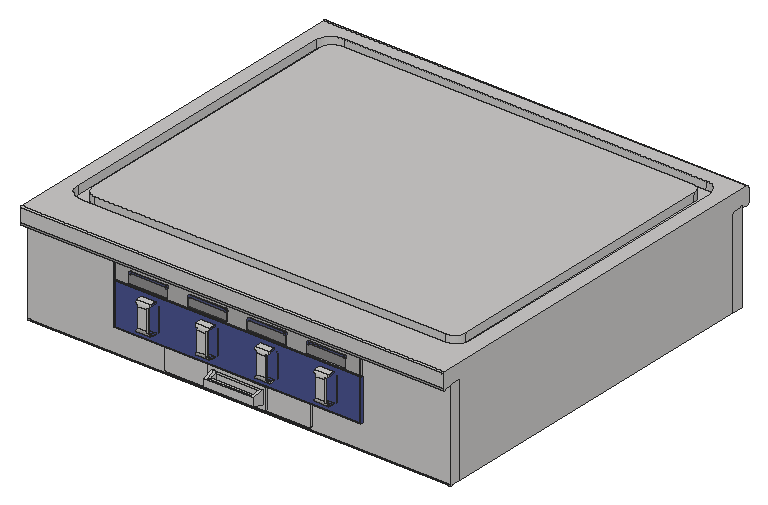
Revit family "QF_ELECTROLUXPROFESSIONAL_589006_MCLCAAJOAO", category Specialty Equipment, Revit 2018
Family settings
  Round Connector Dimension = Use Diameter
  Part Type = Normal
  Work Plane-Based = No
  Always vertical = Yes
  Cut with Voids When Loaded = No
  Shared = No
  Room Calculation Point = No
Parameters
  Weight in Pounds = 352.7
  Watts = 16000 VA  # 16000 W
  Volts = 400 V  # constant formula
  URL Cutsheet = ""
  Type Mark [instance] = ""
  Status [instance] = ""
  Specification by User [instance] = ""
  Specification by Manufacturer = ""
  Show Clearance [instance] = yes
  Serial Number = ""
  Seismic Rating = ""
  SMACNA No = ""
  Revision Code [instance] = ""
  Phase = 3  # constant formula
  Omniclass Number and Title = ""
  Number of Poles [instance] = 1
  NAFEM Spec ID Number = ""
  Model = "589006"
  Min Ckt Ampacity = 0 A
  Max Overcurrent Protection = 0 A
  Masterspec = ""
  Manufacturer = "ELECTROLUX"
  Item Number [instance] = ""
  Installed By [instance] = ""
  Identify Quantity as Lot [instance] = yes
  HP = "21.5 HP"
  Furnished By [instance] = ""
  Foodservice Equipment Identifier [instance] = yes
  FL Amps [instance] = if(Phase = 3, Watts / (Volts * 1.73), Watts / Volts)  # 23.1214 A
  Electrical Remarks = "400 V/3N ph/50/60 Hz"  # constant formula
  Electric Connection Type [instance] = ""
  Elec Conn RI Height [instance] = 0 mm
  Elec Conn Connection Height [instance] = 0 mm
  Direct Waste Size = 0"
  Description = "EL.SOLID TOP,4 ZONES,1SIDE,1000X900X250H"
  Cycle [instance] = if([60 Hertz Option], 60 Hz, 50 Hz)  # 60 Hz
  Conn Plug = ""
  Conn Conduit = yes
  CSI MasterFormat = ""
  CSI Master Format = ""
  Back Panel [instance] = yes
  Apparent Power [instance] = if(Phase = 3, Volts * FL Amps * 1.73, Volts * FL Amps)  # 16000 VA
  60 Hertz Option [instance] = not([50 Hertz Option])  # yes
  50 Hertz Option [instance] = no
Reference planes
  plane 1 "BACK": y = 0
  plane 2: z = 0
  plane 3 "LEFT": x = 0
  plane 4 "RIGHT": x = 1000
  plane 5 "FRONT": y = -900
  plane 6 "TOP": z = 250
  plane 7: x = 500
  plane 8: y = -450
  plane 9: y = -1330
Forms (mm)
  Extrusion 1, solid, material "QF_Finishes_Stainless Steel"
    sketch origin (0, -487.128, 0) x (0, 1, 0) y (0, 0, 1)
      loop
        line (483.128, 250) -> (-408.872, 250)
        arc (-408.872, 250) -> (-411.7, 248.828) -> (-412.872, 246) r 4
        line (-412.872, 246) -> (-412.872, 214)
        arc (-412.872, 214) -> (-411.443, 210.936) -> (-408.177, 210.061) r 4
        line (-408.177, 210.061) -> (-391.509, 213) -> (-366.872, 213) -> (-366.872, 0) -> (441.128, 0) -> (441.128, 213) -> (465.765, 213) -> (482.433, 210.061)
        arc (482.433, 210.061) -> (485.699, 210.936) -> (487.128, 214) r 4
        line (487.128, 214) -> (487.128, 246)
        arc (487.128, 246) -> (485.956, 248.828) -> (483.128, 250) r 4
    from 0 to 1000
  Extrusion 2, solid, material "QF_Finishes_Stainless Steel", visible <- "Back Panel"
    sketch origin (0, 0, 0) x (0, 1, 0) y (0, 0, 1)
      loop
        line (-46, 0) -> (-20, 0) -> (-20, 215)
        arc (-20, 215) -> (-20.586, 213.586) -> (-22, 213) r 2
        line (-22, 213) -> (-46, 213) -> (-46, 0)
    from 0 to 1000
  Extrusion 3, void
    sketch origin (653.786, 44.048, 250) x (1, 0, 0) y (0, -1, 0)
      loop
        line (274.614, 855.048) -> (-582.186, 855.048)
        arc (-582.186, 855.048) -> (-608.349, 844.211) -> (-619.186, 818.048) r 37
        line (-619.186, 818.048) -> (-619.186, 115.648)
        arc (-619.186, 115.648) -> (-608.349, 89.485) -> (-582.186, 78.648) r 37
        line (-582.186, 78.648) -> (274.614, 78.648)
        arc (274.614, 78.648) -> (300.777, 89.485) -> (311.614, 115.648) r 37
        line (311.614, 115.648) -> (311.614, 818.048)
        arc (311.614, 818.048) -> (300.777, 844.211) -> (274.614, 855.048) r 37
    from 0 to 19.1
  Extrusion 4, solid, material "QF_Finishes_Stainless Steel"
    sketch origin (0, -854, 0) x (1, 0, 0) y (0, -1, 0)
      loop
        circle (955, -169) r 6.35
    from 0 to 3.2
  Extrusion 5, solid, material "QF_Finishes_Stainless Steel"
    sketch origin (653.786, 44.048, 230.9) x (1, 0, 0) y (0, 1, 0)
      loop
        line (260.814, -104.048) -> (-568.386, -104.048)
        arc (-568.386, -104.048) -> (-586.347, -111.488) -> (-593.786, -129.448) r 25.4
        line (-593.786, -129.448) -> (-593.786, -804.248)
        arc (-593.786, -804.248) -> (-586.347, -822.209) -> (-568.386, -829.648) r 25.4
        line (-568.386, -829.648) -> (260.814, -829.648)
        arc (260.814, -829.648) -> (278.774, -822.209) -> (286.214, -804.248) r 25.4
        line (286.214, -804.248) -> (286.214, -129.448)
        arc (286.214, -129.448) -> (278.774, -111.488) -> (260.814, -104.048) r 25.4
    from 0 to 19.1
  Extrusion 6, solid, material "QF_Door-Drawer Clearances", visible <- "Show Clearance", detail levels coarse
    sketch origin (537.31, -881.593, 8.62) x (0, 0, 1) y (-1, 0, 0)
      loop
        line (1.973, -134.295) -> (49.317, -134.295)
        arc (49.317, -134.295) -> (50.776, -133.691) -> (51.38, -132.232) r 2.063
        line (51.38, -132.232) -> (51.38, 206.852)
        arc (51.38, 206.852) -> (50.88, 208.549) -> (49.541, 209.705) r 3.133
        line (49.541, 209.705) -> (3.067, 209.705)
        arc (3.067, 209.705) -> (0.898, 208.807) -> (0, 206.638) r 3.067
        line (0, 206.638) -> (0, -132.322)
        arc (0, -132.322) -> (0.578, -133.717) -> (1.973, -134.295) r 1.973
    from 0 to 448.407
Cuts and joins
  Extrusion 3 cuts Extrusion 1
Lines and regions (mm)
  symbolic lines
    curve 1: line (0, 0, 0) -> (1000, 0, 0)
    curve 2: line (0, -900, 0) -> (0, 0, 0)
    curve 3: line (1000, -900, 0) -> (0, -900, 0)
    curve 4: line (1000, 0, 0) -> (1000, -900, 0)
    curve 5: line (273.641, -902.326, 0) -> (273.641, -900, 0)
    curve 6: spline (279.31, -903.73, 0) -> (278.831, -903.657, 0) -> (278.353, -903.575, 0) -> (277.876, -903.486, 0) -> (277.4, -903.389, 0) -> (276.925, -903.283, 0) -> (276.452, -903.17, 0) -> (275.98, -903.049, 0) -> (275.509, -902.92, 0) -> (275.039, -902.783, 0) -> (274.572, -902.638, 0) -> (274.105, -902.486, 0) -> (273.641, -902.326, 0)
    curve 7: line (305.857, -902.326, 0) -> (305.857, -900, 0)
    curve 8: spline (305.857, -902.326, 0) -> (305.392, -902.486, 0) -> (304.926, -902.638, 0) -> (304.458, -902.783, 0) -> (303.989, -902.92, 0) -> (303.518, -903.049, 0) -> (303.046, -903.17, 0) -> (302.572, -903.283, 0) -> (302.098, -903.389, 0) -> (301.622, -903.486, 0) -> (301.145, -903.575, 0) -> (300.667, -903.657, 0) -> (300.188, -903.73, 0)
    curve 9: line (279.31, -903.73, 0) -> (300.188, -903.73, 0)
    curve 10: line (413.892, -902.326, 0) -> (413.892, -900, 0)
    curve 11: spline (419.561, -903.73, 0) -> (419.082, -903.657, 0) -> (418.604, -903.575, 0) -> (418.127, -903.486, 0) -> (417.651, -903.389, 0) -> (417.177, -903.283, 0) -> (416.703, -903.17, 0) -> (416.231, -903.049, 0) -> (415.76, -902.92, 0) -> (415.29, -902.783, 0) -> (414.823, -902.638, 0) -> (414.357, -902.486, 0) -> (413.892, -902.326, 0)
    curve 12: line (446.108, -902.326, 0) -> (446.108, -900, 0)
    curve 13: spline (446.108, -902.326, 0) -> (445.643, -902.486, 0) -> (445.177, -902.638, 0) -> (444.71, -902.783, 0) -> (444.24, -902.92, 0) -> (443.769, -903.049, 0) -> (443.297, -903.17, 0) -> (442.823, -903.283, 0) -> (442.349, -903.389, 0) -> (441.873, -903.486, 0) -> (441.396, -903.575, 0) -> (440.918, -903.657, 0) -> (440.439, -903.73, 0)
    curve 14: line (419.561, -903.73, 0) -> (440.439, -903.73, 0)
    curve 15: line (726.359, -902.326, 0) -> (726.359, -900, 0)
    curve 16: spline (720.69, -903.73, 0) -> (721.169, -903.657, 0) -> (721.647, -903.575, 0) -> (722.124, -903.486, 0) -> (722.6, -903.389, 0) -> (723.075, -903.283, 0) -> (723.548, -903.17, 0) -> (724.02, -903.049, 0) -> (724.491, -902.92, 0) -> (724.961, -902.783, 0) -> (725.428, -902.638, 0) -> (725.895, -902.486, 0) -> (726.359, -902.326, 0)
    curve 17: line (694.143, -902.326, 0) -> (694.143, -900, 0)
    curve 18: spline (694.143, -902.326, 0) -> (694.608, -902.486, 0) -> (695.074, -902.638, 0) -> (695.542, -902.783, 0) -> (696.011, -902.92, 0) -> (696.482, -903.049, 0) -> (696.954, -903.17, 0) -> (697.428, -903.283, 0) -> (697.902, -903.389, 0) -> (698.378, -903.486, 0) -> (698.855, -903.575, 0) -> (699.333, -903.657, 0) -> (699.812, -903.73, 0)
    curve 19: line (720.69, -903.73, 0) -> (699.812, -903.73, 0)
    curve 20: line (586.108, -902.326, 0) -> (586.108, -900, 0)
    curve 21: spline (580.439, -903.73, 0) -> (580.918, -903.657, 0) -> (581.396, -903.575, 0) -> (581.873, -903.486, 0) -> (582.349, -903.389, 0) -> (582.823, -903.283, 0) -> (583.297, -903.17, 0) -> (583.769, -903.049, 0) -> (584.24, -902.92, 0) -> (584.71, -902.783, 0) -> (585.177, -902.638, 0) -> (585.643, -902.486, 0) -> (586.108, -902.326, 0)
    curve 22: line (553.892, -902.326, 0) -> (553.892, -900, 0)
    curve 23: spline (553.892, -902.326, 0) -> (554.357, -902.486, 0) -> (554.823, -902.638, 0) -> (555.29, -902.783, 0) -> (555.76, -902.92, 0) -> (556.231, -903.049, 0) -> (556.703, -903.17, 0) -> (557.177, -903.283, 0) -> (557.651, -903.389, 0) -> (558.127, -903.486, 0) -> (558.604, -903.575, 0) -> (559.082, -903.657, 0) -> (559.561, -903.73, 0)
    curve 24: line (580.439, -903.73, 0) -> (559.561, -903.73, 0)
    curve 36: line (914.6, -60, 0) -> (85.4, -60, 0)
    curve 37: arc (85.4, -60, 0) -> (67.439, -67.439, 0) -> (60, -85.4, 0) r 25.4
    curve 38: line (60, -85.4, 0) -> (60, -760.2, 0)
    curve 39: arc (60, -760.2, 0) -> (67.439, -778.161, 0) -> (85.4, -785.6, 0) r 25.4
    curve 40: line (85.4, -785.6, 0) -> (914.6, -785.6, 0)
    curve 41: arc (914.6, -785.6, 0) -> (932.561, -778.161, 0) -> (940, -760.2, 0) r 25.4
    curve 42: line (940, -760.2, 0) -> (940, -85.4, 0)
    curve 43: arc (940, -85.4, 0) -> (932.561, -67.439, 0) -> (914.6, -60, 0) r 25.4
    curve 44: line (446.108, -900, 0) -> (447.685, -908.767, 0)
    curve 45: line (447.685, -908.767, 0) -> (550.042, -908.767, 0)
    curve 46: line (550.042, -908.767, 0) -> (551.62, -900, 0)
  symbolic lines, style "QF_Door-Drawer Clearances"
    curve 25: line (327.605, -1330, 0) -> (327.605, -900, 0)
    curve 26: line (327.605, -1330, 0) -> (671.605, -1330, 0)
    curve 27: line (671.605, -1330, 0) -> (671.605, -900, 0)
  symbolic lines, style "SpecialityEquipment"
    curve 28: line (71.6, -34.6, 0) -> (928.4, -34.6, 0)
    curve 29: arc (928.4, -34.6, 0) -> (954.563, -45.437, 0) -> (965.4, -71.6, 0) r 37
    curve 30: line (965.4, -71.6, 0) -> (965.4, -772.524, 0)
    curve 31: arc (965.4, -772.524, 0) -> (954.131, -799.731, 0) -> (926.924, -811, 0) r 38.476
    curve 32: line (926.924, -811, 0) -> (71.6, -811, 0)
    curve 33: arc (71.6, -811, 0) -> (45.437, -800.163, 0) -> (34.6, -774, 0) r 37
    curve 34: line (34.6, -774, 0) -> (34.6, -71.6, 0)
    curve 35: arc (34.6, -71.6, 0) -> (45.437, -45.437, 0) -> (71.6, -34.6, 0) r 37
Dimensions and locks
  plane 3 "LEFT" to plane 4 "RIGHT" = 1000 mm
  plane 5 "FRONT" to plane 1 "BACK" = 900 mm
  equal spacing: plane 3 "LEFT", plane 7, plane 4 "RIGHT"
  equal spacing: plane 5 "FRONT", plane 8, plane 1 "BACK"
  plane 6 "TOP" to level = 250 mm  (x2)
  plane 1 "BACK" to plane 5 "FRONT" = 900 mm
  Extrusion 4 sketch curve to plane 1 "BACK" = 685 mm
  Extrusion 4 sketch curve to plane 4 "RIGHT" = 45 mm
  plane 5 "FRONT" to plane 9 = 430 mm
  aligned and locked: level to plane 2
  aligned and locked: cut or joined group of Extrusion 1, Extrusion 3 to plane 4 "RIGHT"
  aligned and locked: Extrusion 2 to plane 4 "RIGHT"
  aligned and locked: plane 7 to nested 1
Automatic sketch dimensions
  Extrusion 2 sketch curve to Extrusion 2 sketch curve = 26 mm
  plane 1 "BACK" to Extrusion 2 sketch curve = 22 mm
  Extrusion 2 sketch curve to Extrusion 2 sketch curve = 2 mm
  level to Extrusion 2 sketch curve = 213 mm
  Extrusion 1 sketch curve to plane 5 "FRONT" = 0 mm
  Extrusion 1 sketch curve to plane 6 "TOP" = 0 mm
  Extrusion 1 sketch curve to level = 0 mm
  Extrusion 1 sketch curve to plane 1 "BACK" = 0 mm
  Extrusion 1 sketch curve to plane 6 "TOP" = 37 mm  (x2)
  Extrusion 1 sketch curve to plane 5 "FRONT" = 4 mm
  Extrusion 1 sketch curve to plane 5 "FRONT" = 21.363 mm
  Extrusion 1 sketch curve to plane 5 "FRONT" = 46 mm
  plane 1 "BACK" to Extrusion 1 sketch curve = 21.363 mm
  plane 1 "BACK" to Extrusion 1 sketch curve = 4 mm  (x2)
  Extrusion 1 sketch curve to Extrusion 1 sketch curve = 4 mm
  Extrusion 1 sketch curve to Extrusion 1 sketch curve = 0.695 mm
  Extrusion 1 sketch curve to Extrusion 1 sketch curve = 0 mm  (x4)
  plane 1 "BACK" to Extrusion 1 sketch curve = 4.695 mm
  Extrusion 1 sketch curve to Extrusion 1 sketch curve = 1 mm  (x2)
  plane 1 "BACK" to Extrusion 1 sketch curve = 46 mm
  plane 5 "FRONT" to curve 25 = 0 mm
  plane 5 "FRONT" to curve 27 = 0 mm
  plane 3 "LEFT" to curve 25 = 327.605 mm
  plane 7 to curve 27 = 171.605 mm
  curve 25 to curve 25 = 430 mm
  level to Extrusion 6 sketch curve = 8.62 mm
  level to Extrusion 6 sketch curve = 57.937 mm
  plane 7 to Extrusion 6 sketch curve = 171.605 mm
  Extrusion 6 sketch curve to Extrusion 6 sketch curve = 1.973 mm
  Extrusion 6 sketch curve to Extrusion 6 sketch curve = 3.067 mm
  Extrusion 6 sketch curve to Extrusion 6 sketch curve = 46.474 mm
  Extrusion 6 sketch curve to Extrusion 6 sketch curve = 2.063 mm
  Extrusion 6 sketch curve to Extrusion 6 sketch curve = 3.133 mm
  plane 3 "LEFT" to Extrusion 6 sketch curve = 330.672 mm
  plane 3 "LEFT" to curve 34 = 34.6 mm
  curve 34 to curve 38 = 25.4 mm
  curve 37 to curve 35 = 11.6 mm
  curve 39 to curve 33 = 11.6 mm
  curve 33 to curve 39 = 13.8 mm
  curve 35 to curve 37 = 13.8 mm
  plane 7 to curve 36 = 414.6 mm
  plane 7 to curve 41 = 414.6 mm
  curve 40 to curve 32 = 12.324 mm
  curve 36 to curve 29 = 13.8 mm
  curve 29 to curve 43 = 11.6 mm  (x2)
  curve 33 to plane 5 "FRONT" = 89 mm
  curve 40 to curve 31 = 13.076 mm
  plane 1 "BACK" to curve 43 = 85.4 mm
  curve 38 to curve 34 = 13.8 mm
  Extrusion 1 to Extrusion 3 sketch curve = 34.6 mm  (x2)
  Extrusion 1 to Extrusion 3 sketch curve = 85 mm
  Extrusion 3 sketch curve to Extrusion 3 sketch curve = 37 mm  (x4)
  Extrusion 1 to Extrusion 3 sketch curve = 30.6 mm
  Extrusion 5 sketch curve to Extrusion 3 = 25.4 mm  (x4)
  Extrusion 5 sketch curve to Extrusion 5 sketch curve = 25.4 mm  (x4)
  plane 1 "BACK" to curve 1 = 0 mm
  curve 1 to plane 4 "RIGHT" = 0 mm
  curve 3 to plane 3 "LEFT" = 0 mm
  plane 5 "FRONT" to curve 5 = 2.326 mm
  plane 5 "FRONT" to curve 46 = 0 mm
  plane 5 "FRONT" to curve 15 = 2.326 mm
  plane 7 to curve 15 = 226.359 mm
  plane 5 "FRONT" to curve 19 = 3.73 mm
  curve 15 to curve 19 = 5.669 mm
  curve 16 to curve 19 = 20.878 mm
  plane 5 "FRONT" to curve 17 = 2.326 mm
  curve 18 to curve 17 = 5.669 mm
  plane 5 "FRONT" to curve 20 = 2.326 mm
  plane 7 to curve 20 = 86.108 mm
  plane 5 "FRONT" to curve 24 = 3.73 mm
  curve 20 to curve 24 = 5.669 mm
  curve 21 to curve 24 = 20.878 mm
  plane 5 "FRONT" to curve 22 = 2.326 mm
  curve 24 to curve 22 = 5.669 mm
  plane 5 "FRONT" to curve 44 = 8.767 mm
  curve 44 to plane 7 = 52.315 mm
  curve 44 to curve 44 = 1.578 mm
  curve 12 to curve 14 = 5.669 mm
  plane 5 "FRONT" to curve 14 = 3.73 mm
  curve 14 to curve 14 = 20.878 mm
  plane 5 "FRONT" to curve 10 = 2.326 mm
  curve 11 to curve 10 = 5.669 mm
  plane 5 "FRONT" to curve 7 = 2.326 mm
  curve 10 to curve 7 = 108.035 mm
  plane 5 "FRONT" to curve 9 = 3.73 mm
  curve 7 to curve 9 = 5.669 mm
  curve 8 to curve 9 = 20.878 mm
  curve 6 to curve 5 = 5.669 mm
  plane 5 "FRONT" to curve 16 = 4.032 mm
  curve 16 to curve 16 = 4.17 mm
  plane 5 "FRONT" to curve 18 = 4.032 mm
  curve 18 to curve 19 = 4.17 mm
  plane 5 "FRONT" to curve 21 = 4.032 mm
  curve 21 to curve 21 = 4.17 mm
  curve 21 to curve 23 = 12.538 mm
  curve 22 to curve 46 = 2.272 mm
  curve 23 to curve 46 = 3.85 mm
  curve 12 to curve 13 = 9.839 mm
  curve 13 to curve 11 = 12.538 mm
  curve 7 to curve 8 = 9.839 mm
  curve 8 to curve 6 = 12.538 mm
  curve 12 to curve 12 = 2.326 mm
  curve 8 to plane 5 "FRONT" = 39.101 mm
  curve 11 to plane 5 "FRONT" = 39.101 mm
  curve 11 to curve 13 = 0 mm
  curve 6 to curve 8 = 0 mm
  curve 23 to curve 21 = 0 mm
  Extrusion 2 sketch curve to level = 0 mm
  radius of Extrusion 4 sketch curve = 6.35 mm
Nested families
  nested 1: "EST_900_1000 Front Panel fOUR cONTROLS" at (-100, -854, -650), type "EST_900_1000 Front Panel fOUR cONTROLS"
Connectors
  electrical at (955, -685, -3.2), driven by "Volts", driven by "Watts"
    settings: on Extrusion 4, index 1, voltage 400 V, apparent load 16000 VA, apparent load phase1 0 VA, apparent load phase2 0 VA, apparent load phase3 0 VA, power factor 1, load classification "Other", number of poles 1, system type 30, power factor state 1, is connector primary yes, connector utility no, sub classification motor no, connector description "ELECTRICAL CONNECTION"
Definition of nested family "EST_900_1000 Front Panel fOUR cONTROLS"
  Parameters
    Keynote = ""
  Reference planes
    plane 1 "Center (Front/Back)": y = 0
    plane 2: z = 0
    plane 3 "Center (Left/Right)": x = 100
    plane 4: x = 600
    plane 5: x = 389.749
    plane 6: x = 530
    plane 7: x = 670.079
    plane 8: x = 809.948
  Forms (mm)
    Extrusion 1, void
      sketch origin (1213.217, 829.203, -1.25) x (1, 0, 0) y (0, 0, 1)
        loop
          line (-321.217, 853.25) -> (-905.217, 853.25) -> (-905.217, 711.25) -> (-321.217, 711.25) -> (-321.217, 853.25)
      from 843.409 to 854.203
    Extrusion 2, solid
      sketch origin (1133.217, 829.203, -1.25) x (0, 1, 0) y (0, 0, 1)
        loop
          arc (-854.203, 654.25) -> (-853.324, 652.129) -> (-851.203, 651.25) r 3
          line (-851.203, 651.25) -> (-829.203, 651.25) -> (-829.203, 864.25) -> (-854.203, 864.25) -> (-854.203, 654.25)
      from -1033.217 to -33.217
  Dimensions and locks
    aligned and locked: plane 4 to nested 6
  Nested families
    nested 1: "1200 Glass Panel with Four Reads" at (308, -30, 5.811), type "1200 Glass Panel with Four Reads"
    nested 2: "Sml  Range Control Handle" at (389.749, -26.645, -204.867), type "Sml  Range Control Handle"
    nested 3: "Sml  Range Control Handle" at (529.638, -26.645, -204.867), type "Sml  Range Control Handle"
    nested 4: "Sml  Range Control Handle" at (670.079, -26.645, -204.867), type "Sml  Range Control Handle"
    nested 5: "Sml  Range Control Handle" at (810.079, -26.645, -204.867), type "Sml  Range Control Handle"
    nested 6: "grease trap door1" at (667.599, -25, 0.608) x (-1, 0, 0) z (0, 0, 1), type "grease trap door"
  Definition of nested family "1200 Glass Panel with Four Reads"
    Reference planes
      plane 1 "Center (Front/Back)": y = 0
      plane 2: z = 0
      plane 3 "Center (Left/Right)": x = 0
      plane 4: x = 584
      plane 5: x = 581.091
      plane 6 "Top": z = 846.189
      plane 7 "Center": x = 292
    Forms (mm)
      Extrusion 1, solid
        sketch origin (550.286, 304.8, -4.308) x (1, 0, 0) y (0, 0, 1)
          loop
            line (-550.286, 806.791) -> (-550.286, 708.497) -> (33.714, 708.497) -> (33.714, 806.791) -> (-550.286, 806.791)
        from 300.031 to 304.8
      Extrusion 2, solid
        sketch origin (550.286, 304.8, -4.308) x (1, 0, 0) y (0, 0, 1)
          loop
            line (-550.286, 850.497) -> (-550.286, 806.791) -> (33.714, 806.791) -> (33.714, 850.497) -> (-550.286, 850.497)
        from 300.031 to 304.8
      Extrusion 3, void
        sketch origin (550.286, 304.8, -4.308) x (1, 0, 0) y (0, 0, 1)
          loop
            line (-547.628, 847.565) -> (-547.628, 710.699) -> (30.804, 710.699) -> (30.804, 847.565) -> (-547.628, 847.565)
        from 303.697 to 304.8
      Extrusion 4, solid, not visible
        sketch origin (550.286, 305.901, -4.308) x (1, 0, 0) y (0, 0, 1)
          loop
            line (-153.041, 812.62) -> (-153.041, 834.177) -> (-157.775, 834.177) -> (-159.574, 835.977) -> (-238.324, 835.977) -> (-240.124, 834.177) -> (-245.041, 834.177) -> (-245.041, 812.62) -> (-153.041, 812.62)
        from 304.798 to 306.745
      Extrusion 5, solid, not visible
        sketch origin (550.286, 305.901, -4.308) x (1, 0, 0) y (0, 0, 1)
          loop
            line (-240.027, 834.177) -> (-238.227, 835.977) -> (-159.594, 835.977) -> (-157.794, 834.177) -> (-153.083, 834.177)
            arc (-153.083, 834.177) -> (-154.26, 838.752) -> (-158.535, 840.763) r 5.549
            line (-158.535, 840.763) -> (-239.444, 840.763)
            arc (-239.444, 840.763) -> (-243.699, 838.747) -> (-244.835, 834.177) r 5.5
            line (-244.835, 834.177) -> (-240.027, 834.177)
        from 304.798 to 306.745
      Extrusion 6, solid
        sketch origin (700.989, 305.901, -4.308) x (1, 0, 0) y (0, 0, 1)
          loop
            line (-153.041, 812.62) -> (-153.041, 834.177) -> (-157.775, 834.177) -> (-159.574, 835.977) -> (-238.324, 835.977) -> (-240.124, 834.177) -> (-245.041, 834.177) -> (-245.041, 812.62) -> (-153.041, 812.62)
        from 304.798 to 306.745
      Extrusion 7, solid
        sketch origin (700.989, 305.901, -4.308) x (1, 0, 0) y (0, 0, 1)
          loop
            line (-240.027, 834.177) -> (-238.227, 835.977) -> (-159.594, 835.977) -> (-157.794, 834.177) -> (-153.083, 834.177)
            arc (-153.083, 834.177) -> (-154.26, 838.752) -> (-158.535, 840.763) r 5.549
            line (-158.535, 840.763) -> (-239.444, 840.763)
            arc (-239.444, 840.763) -> (-243.699, 838.747) -> (-244.835, 834.177) r 5.5
            line (-244.835, 834.177) -> (-240.027, 834.177)
        from 304.798 to 306.745
      Extrusion 8, solid
        sketch origin (560.989, 305.901, -4.308) x (1, 0, 0) y (0, 0, 1)
          loop
            line (-153.041, 812.62) -> (-153.041, 834.177) -> (-157.775, 834.177) -> (-159.574, 835.977) -> (-238.324, 835.977) -> (-240.124, 834.177) -> (-245.041, 834.177) -> (-245.041, 812.62) -> (-153.041, 812.62)
        from 304.798 to 306.745
      Extrusion 9, solid
        sketch origin (560.989, 305.901, -4.308) x (1, 0, 0) y (0, 0, 1)
          loop
            line (-240.027, 834.177) -> (-238.227, 835.977) -> (-159.594, 835.977) -> (-157.794, 834.177) -> (-153.083, 834.177)
            arc (-153.083, 834.177) -> (-154.26, 838.752) -> (-158.535, 840.763) r 5.549
            line (-158.535, 840.763) -> (-239.444, 840.763)
            arc (-239.444, 840.763) -> (-243.699, 838.747) -> (-244.835, 834.177) r 5.5
            line (-244.835, 834.177) -> (-240.027, 834.177)
        from 304.798 to 306.745
      Extrusion 10, solid
        sketch origin (700.989, 305.901, -4.308) x (1, 0, 0) y (0, 0, 1)
          loop
            line (-665.188, 812.62) -> (-573.188, 812.62) -> (-573.188, 834.177) -> (-578.105, 834.177) -> (-579.905, 835.977) -> (-658.655, 835.977) -> (-660.455, 834.177) -> (-665.188, 834.177) -> (-665.188, 812.62)
        from 304.798 to 306.745
      Extrusion 11, solid
        sketch origin (700.989, 305.901, -4.308) x (1, 0, 0) y (0, 0, 1)
          loop
            line (-578.203, 834.177) -> (-573.394, 834.177)
            arc (-573.394, 834.177) -> (-574.53, 838.747) -> (-578.786, 840.763) r 5.5
            line (-578.786, 840.763) -> (-659.695, 840.763)
            arc (-659.695, 840.763) -> (-663.97, 838.752) -> (-665.146, 834.177) r 5.549
            line (-665.146, 834.177) -> (-660.435, 834.177) -> (-658.636, 835.977) -> (-580.003, 835.977) -> (-578.203, 834.177)
        from 304.798 to 306.745
      Extrusion 12, solid
        sketch origin (560.989, 305.901, -4.308) x (1, 0, 0) y (0, 0, 1)
          loop
            line (-385.188, 812.62) -> (-293.188, 812.62) -> (-293.188, 834.177) -> (-298.105, 834.177) -> (-299.905, 835.977) -> (-378.655, 835.977) -> (-380.455, 834.177) -> (-385.188, 834.177) -> (-385.188, 812.62)
        from 304.798 to 306.745
      Extrusion 13, solid
        sketch origin (560.989, 305.901, -4.308) x (1, 0, 0) y (0, 0, 1)
          loop
            line (-298.203, 834.177) -> (-293.394, 834.177)
            arc (-293.394, 834.177) -> (-294.53, 838.747) -> (-298.786, 840.763) r 5.5
            line (-298.786, 840.763) -> (-379.695, 840.763)
            arc (-379.695, 840.763) -> (-383.97, 838.752) -> (-385.146, 834.177) r 5.549
            line (-385.146, 834.177) -> (-380.435, 834.177) -> (-378.636, 835.977) -> (-300.003, 835.977) -> (-298.203, 834.177)
        from 304.798 to 306.745
    Cuts and joins
      Extrusion 3 cuts Extrusion 1
      Extrusion 3 cuts Extrusion 2
    Lines and regions (mm)
      symbolic lines
        curve 1: line (0, 4.769, 0) -> (584, 4.769, 0)
    Dimensions and locks
      aligned and locked: Extrusion 1 to Extrusion 2
      aligned and locked: Extrusion 6 to Extrusion 7
      aligned and locked: Extrusion 8 to Extrusion 9
      aligned and locked: Extrusion 10 to Extrusion 11
      aligned and locked: Extrusion 12 to Extrusion 13
  Definition of nested family "Sml  Range Control Handle"
    Reference planes
      plane 1 "Center (Front/Back)": y = 0
      plane 2: z = 0
      plane 3 "Center (Left/Right)": x = 0
      plane 4: z = 971.092
    Forms (mm)
      Extrusion 1, solid
        sketch origin (-746.28, 380.497, 208.931) x (-1, 0, 0) y (0, 0, 1)
          loop
            line (-770.101, 786.798) -> (-770.101, 731.649)
            arc (-770.101, 731.649) -> (-769.759, 730.563) -> (-768.855, 729.87) r 1.893
            line (-768.855, 729.87) -> (-763.474, 727.911) -> (-729.81, 727.911) -> (-724.428, 729.87)
            arc (-724.428, 729.87) -> (-723.525, 730.563) -> (-723.183, 731.649) r 1.893
            line (-723.183, 731.649) -> (-723.183, 786.798)
            arc (-723.183, 786.798) -> (-723.529, 787.894) -> (-724.44, 788.593) r 1.91
            line (-724.44, 788.593) -> (-729.683, 790.819) -> (-763.601, 790.819) -> (-768.844, 788.593)
            arc (-768.844, 788.593) -> (-769.755, 787.894) -> (-770.101, 786.798) r 1.91
        from -382.35 to -378.852
      Sweep 2, solid
        path origin (-746.788, 380.496, 208.091) x (0, -1, 0) y (0, 0, 1)
          loop
            line (379.775, 793.281) -> (395.661, 791.048)
            arc (395.661, 791.048) -> (397.781, 787.377) -> (398.517, 783.202) r 12.207
            line (398.517, 783.202) -> (398.517, 737.368)
            arc (398.517, 737.368) -> (397.781, 733.193) -> (395.661, 729.522) r 12.207
            line (395.661, 729.522) -> (379.775, 727.289)
        profile origin (-746.788, -7.222, 1000.256) x (0, -0.139173, 0.990268) y (-1, 0, 0)
          loop
            line (0.782, -763.123) -> (0.782, -730.907) -> (-1.322, -730.907) -> (-1.322, -763.123) -> (0.782, -763.123)
      Sweep 3, solid
        path origin (-746.788, 380.715, 207.832) x (0, -1, 0) y (0, 0, 1)
          loop
            line (380.478, 795.442) -> (397.218, 793.09)
            arc (397.218, 793.09) -> (399.929, 788.473) -> (400.871, 783.202) r 15.207
            line (400.871, 783.202) -> (400.871, 737.584)
            arc (400.871, 737.584) -> (399.914, 732.274) -> (397.164, 727.633) r 15.207
            line (397.164, 727.633) -> (380.601, 725.305)
        profile origin (-746.788, -8.132, 1002.099) x (0, -0.139173, 0.990268) y (-1, 0, 0)
          loop
            line (0.782, -763.123) -> (0.782, -730.907) -> (-1.322, -730.907) -> (-1.322, -763.123) -> (0.782, -763.123)
      Extrusion 4, void
        sketch origin (889.253, 220.666, 207.993) x (1, 0, 0) y (0, 0, 1)
          loop
            line (-943.038, 816.854) -> (-943.038, 703.686) -> (-899.466, 734.196) -> (-899.466, 786.344) -> (-943.038, 816.854)
        from 230.636 to 242.25
      Extrusion 5, void
        sketch origin (-888.8, 220.666, 207.993) x (-1, 0, 0) y (0, 0, -1)
          loop
            line (-943.038, -816.854) -> (-899.466, -786.344) -> (-899.466, -734.196) -> (-943.038, -703.686) -> (-943.038, -816.854)
        from 230.636 to 242.25
      Extrusion 6, solid
        sketch origin (0, 0, 0) x (1, 0, 0) y (0, 0, 1)
          loop
            circle (0, 971.092) r 7.736
        from -3.137 to -1.645
    Cuts and joins
      Extrusion 4, Extrusion 5 cuts Sweep 3
      Extrusion 4, Extrusion 5 cuts Sweep 2
      joined: Extrusion 1, Extrusion 6
    Lines and regions (mm)
      symbolic lines
        curve 1: line (23.821, 1.645, 0) -> (-23.097, 1.645, 0)
        curve 2: line (16.334, -1.853, 0) -> (23.821, -1.853, 0)
        curve 3: line (-15.881, -19.189, 0) -> (-15.881, -1.853, 0)
        curve 4: line (-23.097, -1.853, 0) -> (-15.881, -1.853, 0)
        curve 5: line (16.334, -19.189, 0) -> (16.334, -1.853, 0)
        curve 6: spline (-15.881, -19.189, 0) -> (-15.417, -19.349, 0) -> (-14.951, -19.501, 0) -> (-14.483, -19.646, 0) -> (-14.014, -19.783, 0) -> (-13.543, -19.912, 0) -> (-13.071, -20.033, 0) -> (-12.597, -20.146, 0) -> (-12.122, -20.251, 0) -> (-11.646, -20.349, 0) -> (-11.169, -20.438, 0) -> (-10.691, -20.52, 0) -> (-10.213, -20.593, 0)
        curve 7: spline (10.666, -20.593, 0) -> (11.144, -20.52, 0) -> (11.622, -20.438, 0) -> (12.099, -20.349, 0) -> (12.575, -20.251, 0) -> (13.05, -20.146, 0) -> (13.524, -20.033, 0) -> (13.996, -19.912, 0) -> (14.467, -19.783, 0) -> (14.936, -19.646, 0) -> (15.404, -19.501, 0) -> (15.87, -19.349, 0) -> (16.334, -19.189, 0)
        curve 8: line (-10.213, -20.938, 0) -> (10.716, -20.938, 0)
        curve 9: line (-23.097, 1.645, 0) -> (-23.097, -1.853, 0)
        curve 10: line (23.821, 1.645, 0) -> (23.821, -1.853, 0)
    Dimensions and locks
      cut or joined group of Sweep 3, Extrusion 4, Extrusion 5 to cut or joined group of Sweep 3, Extrusion 4, Extrusion 5 = 71.686 mm
  Definition of nested family "grease trap door1"
    Reference planes
      plane 1 "Center (Front/Back)": y = 0
      plane 2: z = 0
      plane 3 "Center (Left/Right)": x = 0
    Forms (mm)
      Extrusion 1, solid
        sketch origin (1627.55, 854.203, -1.25) x (1, 0, 0) y (0, 0, 1)
          loop
            arc (-1627.55, 661.235) -> (-1626.972, 659.84) -> (-1625.577, 659.262) r 1.973
            line (-1625.577, 659.262) -> (-1494.325, 659.262)
            arc (-1494.325, 659.262) -> (-1492.156, 660.16) -> (-1491.258, 662.329) r 3.067
            line (-1491.258, 662.329) -> (-1491.258, 708.803)
            arc (-1491.258, 708.803) -> (-1492.414, 710.143) -> (-1494.111, 710.642) r 3.133
            line (-1494.111, 710.642) -> (-1625.486, 710.642)
            arc (-1625.486, 710.642) -> (-1626.945, 710.038) -> (-1627.55, 708.579) r 2.063
            line (-1627.55, 708.579) -> (-1627.55, 661.235)
        from 856.795 to 859.203
      Extrusion 2, solid
        sketch origin (445.874, 2476.61, 0) x (0, 1, 0) y (0, 0, 1)
          loop
            line (-2506.377, 675.273) -> (-2481.61, 667.505) -> (-2481.61, 700.995) -> (-2506.377, 693.227) -> (-2506.377, 675.273)
        from -437.68 to -317.68
      Extrusion 3, void
        sketch origin (1627.55, 854.203, -1.25) x (1, 0, 0) y (0, 0, 1)
          loop
            line (-1614.883, 703) -> (-1610.542, 695.433) -> (-1508.17, 695.433) -> (-1503.828, 703) -> (-1614.883, 703)
          loop
            line (-1614.883, 668) -> (-1502.669, 668) -> (-1507.01, 675.567) -> (-1610.542, 675.567) -> (-1614.883, 668)
        from 832.916 to 883.97
      Extrusion 4, void
        sketch origin (447.55, 854.203, -1.25) x (1, 0, 0) y (0, 0, 1)
          loop
            line (-430.542, 695.433) -> (-430.542, 675.567) -> (-328.17, 675.567) -> (-328.17, 695.433) -> (-430.542, 695.433)
        from 859.203 to 874.202
      Extrusion 5, solid
        sketch origin (1627.55, 854.203, -1.25) x (1, 0, 0) y (0, 0, 1)
          loop
            arc (-1731.556, 661.235) -> (-1730.978, 659.84) -> (-1729.583, 659.262) r 1.973
            line (-1729.583, 659.262) -> (-1390.623, 659.262)
            arc (-1390.623, 659.262) -> (-1388.454, 660.16) -> (-1387.556, 662.329) r 3.067
            line (-1387.556, 662.329) -> (-1387.556, 708.803)
            arc (-1387.556, 708.803) -> (-1388.712, 710.143) -> (-1390.409, 710.642) r 3.133
            line (-1390.409, 710.642) -> (-1729.493, 710.642)
            arc (-1729.493, 710.642) -> (-1730.952, 710.038) -> (-1731.556, 708.579) r 2.063
            line (-1731.556, 708.579) -> (-1731.556, 661.235)
        from 854.203 to 856.795
    Cuts and joins
      Extrusion 3 cuts Extrusion 1
      Extrusion 3, Extrusion 4 cuts Extrusion 2
      joined: Extrusion 1, Extrusion 2
    Lines and regions (mm)
      symbolic lines
        curve 1: line (0, -2.593, 0) -> (136.292, -2.593, 0)
        curve 2: line (17.557, -29.767, 0) -> (12.667, -2.593, 0)
        curve 3: line (17.557, -29.767, 0) -> (119.991, -29.767, 0)
        curve 4: line (119.991, -29.767, 0) -> (124.881, -2.593, 0)
        curve 5: line (68.146, -2.593, 0) -> (68.146, -29.767, 0)
      model lines
        curve 6: line (67.599, 0, 658.012) -> (67.599, 0, 709.392)
    Dimensions and locks
      aligned and locked: Extrusion 2 to Extrusion 1
      aligned and locked: Extrusion 3 to Extrusion 2
      aligned and locked: Extrusion 4 to Extrusion 1
